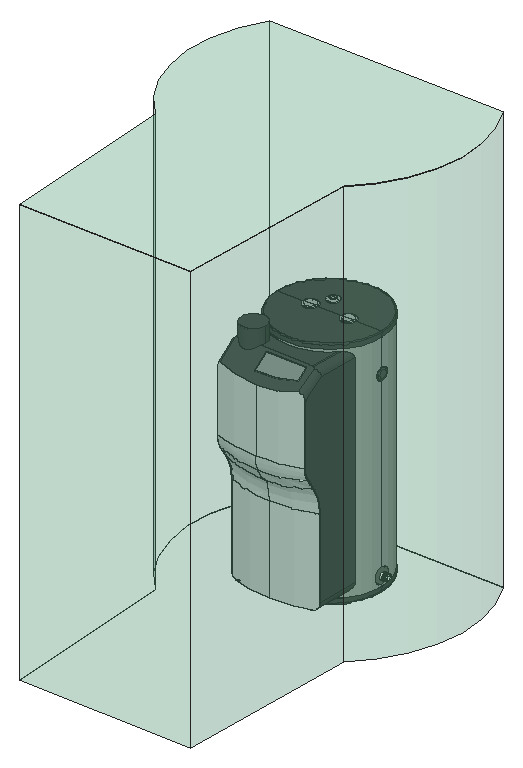
Revit family "Innovo  BENL_IR 24 245 BENL LP", category Mechanical Equipment, Revit 2015
Parameters (values of type "IR-24-245 BENL LP")
  Werkruimte Radius = Diameter + 170 mm  # 730 mm
  Werkruimte Hoogte = Hoogte + 1000 mm  # 2270 mm
  Werkruimte Afstand Voor = 1000 mm
  Werkruimte [instance] = yes
  Voorzorgsmaatregelen tijdens montage, installatie of onderhoud = "zie Gebruikers, Installatie, Service en Onderhouds handleiding"  # constant formula
  Voltage = 230 V  # constant formula
  Verpakkingslengte = 946 mm  # constant formula
  Verpakkingshoogte = 1465 mm
  Verpakkingsbreedte = 786 mm  # constant formula
  Uitsluitend werkend in daluren = no
  Uitschakeldruk LDS < = "115"
  Type aanduiding = "IR-12-160"
  Transportgewicht = 114 kg
  Totaal Gewicht = 274 kg
  Stilstandsverlies - dagelijks (24u) = 0 W
  Stilstandsverlies = 0 W
  Standaard Afgesteld op = "G20/G25"
  Stand Regelthermostaat = 65 °C  # constant formula
  Soort Verpakking = "Karton en Hout"  # constant formula
  Slimme controlefunctie = no
  Setpoint thermostaat = 65 °C  # constant formula
  Seizoens Rendement (Hs) = [Rendement (Hs, vlgs. NEN-EN 89 - 1999)]  # 96
  Rendement (Hs, vlgs. NEN-EN 89 - 1999) = 96
  Rendement (Hi, vlgs. NEN-EN 89 - 1999) = 107
  Produktspecificaties Link = ""
  Produkthandleiding Link = ""
  Produkt Model Nummer (EAN-nummer) = "8717449285890"
  Onderhoudsinterval = "12 maanden"  # constant formula
  Nominale Belasting (Onderwaarde) = "10900.0/9000.0"
  Nominale Belasting (Bovenwaarde) = "12100.0/10000.0"
  Nominaal Vermogen = "11700.0/9600.0"
  NOx-uitstoot mg/kWh = "22.0/23.0"
  NOx-uitstoot (lucht vrij, 0% O2) ppm = "14.0/14.0"
  Min. Stand Regelthermostaat = 40 °C  # constant formula
  Max. Werkdruk = 800000.0 Pa
  Max. Stand Regelthermostaat = 85 °C  # constant formula
  Max. Rookgastemperatuur = 45 °C
  Ledig Gewicht = 95 kg
  Kraan Hoogte 02 = if(and(Hoogte = 1745 mm, Diameter = 675 mm), 1518 mm, if(and(Hoogte = 1745 mm, Diameter = 610 mm), 1534 mm, if(Hoogte = 1545 mm, 1328 mm, 1070 mm)))  # 1070 mm
  Kraan Hoogte 01 = if(and(Diameter > 560 mm), 693 mm, 604 mm)  # 604 mm
  URL = "www.aosmith.be"
  Tapcapaciteit bij ΔT = 70°C  na 90 min. = 270.0 L
  Tapcapaciteit bij ΔT = 70°C  na 60 min. = 200.0 L
  Tapcapaciteit bij ΔT = 70°C  na 30 min. = 120.0 L
  Tapcapaciteit bij ΔT = 70°C  na 120 min. = 340.0 L
  Tapcapaciteit bij ΔT = 55°C  na 90 min. = 370.0 L
  Tapcapaciteit bij ΔT = 55°C  na 60 min. = 270.0 L
  Tapcapaciteit bij ΔT = 55°C  na 30 min. = 180.0 L
  Tapcapaciteit bij ΔT = 55°C  na 120 min. = 460.0 L
  Tapcapaciteit bij ΔT = 50°C  na 90 min. = 410.0 L
  Tapcapaciteit bij ΔT = 50°C  na 60 min. = 310.0 L
  Tapcapaciteit bij ΔT = 50°C  na 30 min. = 210.0 L
  Tapcapaciteit bij ΔT = 50°C na 120 min. = 510.0 L
  Tapcapaciteit bij ΔT = 44°C na 120 min. = 480.0 L
  Tapcapaciteit bij ΔT = 44°C  na 90 min. = 360.0 L
  Tapcapaciteit bij ΔT = 44°C  na 60 min. = 250.0 L
  Tapcapaciteit bij ΔT = 44°C  na 30 min. = 590.0 L
  Tapcapaciteit bij ΔT = 28°C na 90 min. = 780.0 L
  Tapcapaciteit bij ΔT = 28°C na 60 min. = 600.0 L
  Tapcapaciteit bij ΔT = 28°C na 30 min. = 420.0 L
  Tapcapaciteit bij ΔT = 28°C na 120 min. = 960.0 L
  Tapcapaciteit Continu bij ΔT = 70°C = 150.0 L/s
  Tapcapaciteit Continu bij ΔT = 55°C = 190.0 L/s
  Tapcapaciteit Continu bij ΔT = 50°C = 200.0 L/s
  Tapcapaciteit Continu bij ΔT = 44°C = 230.0 L/s
  Tapcapaciteit Continu bij ΔT = 28°C = 360.0 L/s
  Opwarmtijd bij ΔT = 70°C = "42"
  Opwarmtijd bij ΔT = 55°C = "34"
  Opwarmtijd bij ΔT = 50°C = "31"
  Opwarmtijd bij ΔT = 44°C = "27"
  Opwarmtijd bij ΔT = 28°C = "17"
  Model = "IR-12-160 BENL NAT"
  Manufacturer = "A.O. Smith Water Products Company b.v."  # constant formula
  Length = 780 mm  # constant formula
  Jaarlijks elektriciteitsverbruik (2) = "-"
  Jaarlijks elektriciteitsverbruik (1) = "38 kWh"
  Jaarlijks brandstofverbruik (2) = "-"
  Jaarlijks brandstofverbruik (1) = "16 GJ GCV"
  Isolatiedikte = 50 mm
  Installatie Typen = "B23/C13/C33/C43/C53/C63"  # constant formula
  Inhoud = 160.0 L
  Hoogte Warm Water Uitlaat = 1270 mm
  Hoogte Rookgasafvoer = 1295 mm
  Hoogte Lucht Inlaat = 1295 mm
  Hoogte Koud Water Inlaat = 170 mm
  Hoogte Gas Aansluiting = 860 mm
  Hoogte = 1270 mm
  Handelsmerk = "A.O. Smith"  # constant formula
  Geluidsniveau dB (A) = "<45"  # constant formula
  Geluidsniveau binnen = "41 dB"
  Gasverbruik - Volume ltr/hr = "1.20/1.10"
  Gasverbruik - Massa kg/h = "n.v.t."
  Gascategorie = "I2E(S)B"  # constant formula
  Gas Voordruk = "2000/2500 Pa"
  Gas Aansluiting = 15"  # constant formula
  Garrantie op Tank = "36 maanden"  # constant formula
  Garrantie op Onderdelen = "12 maanden"  # constant formula
  Frequentie = 50 Hz  # constant formula
  Fase = 1
  Fabrikantnummer = "E 7110"  # constant formula
  Energie-efficiëntieklasse voor waterverwarming (2) = "-"
  Energie-efficiëntieklasse voor waterverwarming (1) = "A"  # constant formula
  Energie-efficiëntie voor waterverwarming (2) = "-"
  Energie-efficiëntie voor waterverwarming (1) = "92%"
  Elektrisch Vermogen (piek) = 85 W
  Elektrisch Vermogen (nominaal) = 25 W
  Diameter Schoorsteen - parallel systeem = "2x80"  # constant formula
  Diameter Schoorsteen - concentrisch systeem = "80/125 mm/mm"  # constant formula
  Diameter Schoorsteen - boiler = "80/125 mm/mm"  # constant formula
  Diameter = 560 mm
  Description = "Condenserende Hoog Rendementsboiler"  # constant formula
  Created By = "http://www.cadcompany.nl/"
  Capaciteitsprofiel = "XL"
  CO2-uitstoot (tol. +/- 1.0) vol% = "9.3/7.5"
  CE-PIN = "0063CQ3037"  # constant formula
  Breedte = Diameter  # 560 mm
  Bestemming / Land = "BelgIë"  # constant formula
  BIM Content Developer = "CAD & Company"  # constant formula
  Assembly Code = "D3010"
  Ander capaciteitsprofiel = "-"
  Aansluiting Warm Water = 3/4"
  Aansluiting T&P = 3/4"
  Aansluiting Koud Water = 3/4"  # constant formula
  Aansluiting Condensafvoer = 40 mm  # constant formula
  Aansluiting Aftapkraan = 3/4"  # constant formula
  2e Onderhoud (algeheel onderhoud) = "12 maanden na installatie"  # constant formula
  1e Onderhoud (check-up) = "3 maanden na installatie"  # constant formula
Reference planes
  plane 1 "Center (Front/Back)": y = 0
  plane 2: z = 0
  plane 3 "Center (Left/Right)": x = 0
  plane 4 "Pipe": through (-383.901, 912.349, 194.799) normal (-0.0879, -0.0879, 0.9923)
  plane 5 "footing": y = 118.925
  plane 6 "footing front": y = -237.85
  plane 7: x = -280
  plane 8: x = 280
  plane 9: z = 1270
Forms (mm)
  Revolve 1, solid, material "RAL 9005", detail levels medium+fine
    sketch origin (0, -237.85, 0) x (-1, 0, 0) y (0, 0, 1)
      loop
        line (0, 28.9) -> (-15, 28.9) -> (-15, 26.4) -> (-8.671, 26.4) -> (-8.671, 18) -> (-5.686, 18) -> (-6.626, 17.06) -> (-6.626, 12.06) -> (-8.671, 12.06) -> (-8.671, 10) -> (-10.031, 10) -> (-23.271, 5.181)
        arc (-23.271, 5.181) -> (-23.763, 4.836) -> (-24.017, 4.293) r 1.159
        line (-24.017, 4.293) -> (-24.017, 1.03)
        arc (-24.017, 1.03) -> (-23.715, 0.302) -> (-22.986, 0) r 1.03
        line (-22.986, 0) -> (0, 0) -> (0, 28.9)
      axis (0, 28.9) -> (0, 0)
    angle from 0 to 360
  Revolve 2, solid, material "RAL 9005", detail levels medium+fine
    sketch origin (0, 118.925, 0) x (-1, 0, 0) y (0, 0, 1)
      loop
        line (-180.984, 28.9) -> (-195.984, 28.9) -> (-195.984, 26.4) -> (-189.655, 26.4) -> (-189.655, 18) -> (-186.67, 18) -> (-187.61, 17.06) -> (-187.61, 12.06) -> (-189.655, 12.06) -> (-189.655, 10) -> (-191.015, 10) -> (-204.256, 5.181)
        arc (-204.256, 5.181) -> (-204.747, 4.836) -> (-205.001, 4.293) r 1.159
        line (-205.001, 4.293) -> (-205.001, 1.03)
        arc (-205.001, 1.03) -> (-204.699, 0.302) -> (-203.971, 0) r 1.03
        line (-203.971, 0) -> (-180.984, 0) -> (-180.984, 28.9)
      axis (-180.984, 28.9) -> (-180.984, 0)
    angle from 0 to 360
  Revolve 3, solid, material "RAL 9005", detail levels medium+fine
    sketch origin (0, 118.925, 0) x (-1, 0, 0) y (0, 0, 1)
      loop
        line (179.016, 28.9) -> (164.016, 28.9) -> (164.016, 26.4) -> (170.345, 26.4) -> (170.345, 18) -> (173.33, 18) -> (172.39, 17.06) -> (172.39, 12.06) -> (170.345, 12.06) -> (170.345, 10) -> (168.985, 10) -> (155.744, 5.181)
        arc (155.744, 5.181) -> (155.253, 4.836) -> (154.999, 4.293) r 1.159
        line (154.999, 4.293) -> (154.999, 1.03)
        arc (154.999, 1.03) -> (155.301, 0.302) -> (156.029, 0) r 1.03
        line (156.029, 0) -> (179.016, 0) -> (179.016, 28.9)
      axis (179.016, 28.9) -> (179.016, 0)
    angle from 0 to 360
Lines and regions (mm)
  symbolic lines
    curve 1: line (0, 280.06, 0) -> (0, -280.06, 0)
    curve 2: line (-255.06, 0, 0) -> (255.06, 0, 0)
  symbolic lines, style "Workspace"
    curve 3: line (623.261, 380.06, 0) -> (-623.261, 380.06, 0)
    curve 4: arc (-623.261, 380.06, 0) -> (-726.942, -66.745, 0) -> (-543.632, -487.2, 0) r 730
    curve 5: line (-543.632, -487.2, 0) -> (-396.783, -1492.825, 0)
    curve 6: line (-396.783, -1492.825, 0) -> (399.03, -1492.825, 0)
    curve 7: line (399.03, -1492.825, 0) -> (545.76, -484.816, 0)
    curve 8: arc (545.76, -484.816, 0) -> (727.087, -65.154, 0) -> (623.261, 380.06, 0) r 730
Dimensions and locks
  plane 5 "footing" to plane 1 "Center (Front/Back)" = 118.925 mm
  plane 1 "Center (Front/Back)" to plane 6 "footing front" = 237.85 mm
  "Diameter": plane 7 to plane 8
  equal spacing: plane 7, plane 3 "Center (Left/Right)", plane 8
  "Hoogte": plane 9 to plane 2
  "Werkruimte Afstand Voor": curve 6 to nested 3
  "Werkruimte Radius": radius of curve 4
  "Werkruimte Radius": radius of curve 8
  aligned and locked: level to plane 2
  aligned and locked: nested 3 to Revolve 1 sketch curve
  aligned and locked: plane 3 "Center (Left/Right)" to Revolve 1 sketch curve
  aligned and locked: nested 3 to plane 1 "Center (Front/Back)"
  aligned and locked: plane 3 "Center (Left/Right)" to nested 3
  aligned and locked: nested 1 to plane 8
  aligned and locked: nested 5 to plane 8
  aligned and locked: nested 2 to plane 7
  aligned and locked: nested 4 to plane 7
  aligned and locked: nested 7 to plane 7
  aligned and locked: nested 8 to plane 3 "Center (Left/Right)"
  aligned and locked: nested 8 to nested 3
  aligned and locked: curve 3 to nested 8
Automatic sketch dimensions
  Revolve 1 sketch curve to level = 0 mm
  plane 3 "Center (Left/Right)" to Revolve 1 sketch curve = 5.686 mm
  Revolve 1 sketch curve to Revolve 1 sketch curve = 0.94 mm  (x2)
  Revolve 1 sketch curve to Revolve 1 sketch curve = 2.046 mm  (x2)
  Revolve 1 sketch curve to Revolve 1 sketch curve = 1.359 mm
  Revolve 1 sketch curve to Revolve 1 sketch curve = 6.329 mm
  level to Revolve 1 sketch curve = 4.091 mm
  Revolve 1 sketch curve to Revolve 1 sketch curve = 12.844 mm
  level to Revolve 1 sketch curve = 1.03 mm
  Revolve 1 sketch curve to Revolve 1 sketch curve = 0.111 mm
  level to Revolve 1 sketch curve = 5.181 mm
  Revolve 1 sketch curve to Revolve 1 sketch curve = 0.745 mm
  level to Revolve 1 sketch curve = 10 mm
  Revolve 1 sketch curve to Revolve 1 sketch curve = 2.06 mm
  Revolve 1 sketch curve to Revolve 1 sketch curve = 5 mm
  Revolve 1 sketch curve to Revolve 1 sketch curve = 8.4 mm
  Revolve 1 sketch curve to Revolve 1 sketch curve = 2.5 mm
  Revolve 1 sketch curve to level = 19.635 mm
  Revolve 1 sketch curve to Revolve 1 sketch curve = 46.465 mm
  Revolve 2 sketch curve to level = 0 mm
  level to Revolve 2 sketch curve = 1.03 mm
  Revolve 2 sketch curve to plane 8 = 74.999 mm
  level to Revolve 2 sketch curve = 5.181 mm
  Revolve 2 sketch curve to Revolve 2 sketch curve = 0.745 mm
  Revolve 2 sketch curve to Revolve 2 sketch curve = 0.397 mm
  Revolve 2 sketch curve to Revolve 2 sketch curve = 8.271 mm
  Revolve 2 sketch curve to Revolve 2 sketch curve = 13.241 mm
  Revolve 2 sketch curve to Revolve 2 sketch curve = 1.359 mm
  Revolve 2 sketch curve to Revolve 2 sketch curve = 6.329 mm
  Revolve 2 sketch curve to Revolve 2 sketch curve = 2.046 mm
  level to Revolve 2 sketch curve = 18 mm
  Revolve 2 sketch curve to Revolve 2 sketch curve = 0.94 mm  (x2)
  Revolve 2 sketch curve to Revolve 2 sketch curve = 8.671 mm
  Revolve 2 sketch curve to Revolve 2 sketch curve = 1.089 mm
  Revolve 2 sketch curve to Revolve 2 sketch curve = 8 mm
  Revolve 2 sketch curve to Revolve 2 sketch curve = 2.06 mm
  Revolve 2 sketch curve to Revolve 2 sketch curve = 8.4 mm
  Revolve 2 sketch curve to Revolve 2 sketch curve = 2.5 mm
  Revolve 2 sketch curve to Revolve 2 sketch curve = 0 mm
  Revolve 2 sketch curve to level = 19.635 mm
  Revolve 2 sketch curve to Revolve 2 sketch curve = 46.465 mm
  Revolve 3 sketch curve to level = 0 mm
  level to Revolve 3 sketch curve = 1.03 mm
  Revolve 3 sketch curve to plane 7 = 125.001 mm
  level to Revolve 3 sketch curve = 5.181 mm
  Revolve 3 sketch curve to Revolve 3 sketch curve = 0.745 mm
  Revolve 3 sketch curve to Revolve 3 sketch curve = 0.397 mm
  Revolve 3 sketch curve to Revolve 3 sketch curve = 8.271 mm
  Revolve 3 sketch curve to Revolve 3 sketch curve = 13.241 mm
  Revolve 3 sketch curve to Revolve 3 sketch curve = 1.359 mm
  Revolve 3 sketch curve to Revolve 3 sketch curve = 6.329 mm
  Revolve 3 sketch curve to Revolve 3 sketch curve = 2.046 mm
  level to Revolve 3 sketch curve = 18 mm
  Revolve 3 sketch curve to Revolve 3 sketch curve = 0.94 mm  (x2)
  Revolve 3 sketch curve to Revolve 3 sketch curve = 8.671 mm
  Revolve 3 sketch curve to Revolve 3 sketch curve = 1.089 mm
  Revolve 3 sketch curve to Revolve 3 sketch curve = 8 mm
  Revolve 3 sketch curve to Revolve 3 sketch curve = 2.06 mm
  Revolve 3 sketch curve to Revolve 3 sketch curve = 8.4 mm
  Revolve 3 sketch curve to Revolve 3 sketch curve = 2.5 mm
  Revolve 3 sketch curve to Revolve 3 sketch curve = 0 mm
  Revolve 3 sketch curve to level = 19.635 mm
  Revolve 3 sketch curve to Revolve 3 sketch curve = 46.465 mm
  curve 4 to curve 8 = 0 mm  (x2)
  plane 1 "Center (Front/Back)" to curve 2 = 0 mm
  curve 1 to plane 3 "Center (Left/Right)" = 0 mm
  plane 1 "Center (Front/Back)" to curve 4 = 0 mm
  curve 4 to plane 3 "Center (Left/Right)" = 0 mm
  curve 5 to plane 6 "footing front" = 249.35 mm
  plane 7 to curve 5 = 116.783 mm
  plane 8 to curve 7 = 119.03 mm
  curve 7 to plane 6 "footing front" = 246.966 mm
  curve 2 to plane 7 = 24.94 mm
  curve 2 to plane 8 = 24.94 mm
  curve 1 to plane 6 "footing front" = 42.21 mm
  plane 5 "footing" to curve 1 = 161.135 mm
Nested families
  nested 1: "Valve" at (280, -0.38, 1070) x (0, 1, 0) z (0, 0, 1), built-in parameter 1001364 <- "Kraan Hoogte 02", type "Valve"
  nested 2: "Drain Valve" at (-280, 0, 1070), built-in parameter 1001364 <- "Kraan Hoogte 02", type "Drain Valve"
  nested 3: "Housing Mother Housing S 57 (external)" at (0, -274.886, 0), type "Housing Mother_Housing S_57"
  nested 4: "Drain Valve" at (-280, 0, 177), type "Drain Valve"
  nested 5: "Drain Valve" at (280, 0, 107) x (-1, 0, 0) z (0, 0, 1), type "Drain Valve"
  nested 6: "Boiler" at (0, 0, 0), height <- "Hoogte", type "Boiler"
    with height 1270 mm
  nested 7: "Drain Valve" at (-280, 0, 604), built-in parameter 1001364 <- "Kraan Hoogte 01", type "Drain Valve"
  nested 8: "Innovo_workspace" at (0, 0, 0), Workspace <- "Werkruimte", Workspace Distance Front <- "Werkruimte Afstand Voor", Workspace Height <- "Werkruimte Hoogte", Workspace Radius <- "Werkruimte Radius", type "Workspace"
    with Workspace Radius 730 mm, Workspace Height 2270 mm, Workspace Distance Front 1000 mm, Workspace yes, Center to Front 492.825 mm
Connectors
  piping at (314.826, 0, 107), diameter 19.05, driven by "Aansluiting Aftapkraan"
    settings: on nested 5, index 1, connector inside diameter 24", connector length 0 mm, flow factor 0, pipe flow 0.0 L/s, pressure drop 0.0 Pa, fitting loss kfactor 0, connector angle 0.00°, fixture units 0, engagement length 0 mm, angle of deflection 0.00°, flow configuration 0, flow direction 0, fitting loss method 0, system type 19, joint type 0, gender type 0, connector reference index -1, connector utility 0, adjustable connector no, is connector primary yes, connector description ""
  hvac at (-147.013, -321.326, 1310.674)
    settings: on nested 3, index 2, duct flow 0.0 L/s, flow factor 0, pres drop 0.0 Pa, loss coef 0, conn angle 0.00°, conn width 304.8 mm, conn height 304.8 mm, conn diameter 125 mm, duct sys type 4, conn prof type 0, flow config 0, flow direction 0, loss method 0, conn ref index -1, conn util no, is conn primary yes, conn desc ""
Definition of nested family "Valve"
  Parameters (values of type "Valve")
    Type Comments = "T&P valve (internal)"
    Manufacturer = "A.O. Smith"
  Reference planes
    plane 1 "Center (Front/Back)": y = 0
    plane 2: z = 0
    plane 3 "Center (Left/Right)": x = 0
  Forms (mm)
    Extrusion 1, solid, detail levels fine
      sketch origin (0, 0, 0) x (1, 0, 0) y (0, 0, 1)
        loop
          circle (0, 0) r 31.5
      from -2.271 to 1.4
    Sweep 2, solid, detail levels fine
      path origin (0, -1.4, 0) x (1, 0, 0) y (0, 0, 1)
        loop
          circle (0, 0) r 31.5
      profile origin (0, -1.4, 31.5) x (0, 0, -1) y (0, -1, 0)
        loop
          line (7.3, 0) -> (7.3, 3) -> (0, 0) -> (7.3, 0)
  Dimensions and locks
    aligned and locked: level to plane 2
Definition of nested family "Drain Valve"
  Reference planes
    plane 1 "Center (Front/Back)": y = 0
    plane 2: z = 0
    plane 3 "Center (Left/Right)": x = 0
  Forms (mm)
    Revolve 1, solid, detail levels medium+fine
      sketch origin (0, 0, 0) x (1, 0, 0) y (0, 0, 1)
        loop
          line (-33.442, 15.696) -> (-34.826, 14.329) -> (-34.93, 12.731) -> (-16.555, 12.731) -> (-16.555, 0) -> (15.787, 0) -> (15.787, 18.3) -> (-14.4, 18.3) -> (-17.148, 15.533) -> (-18.729, 16.697) -> (-20.091, 15.333) -> (-21.672, 16.496) -> (-23.034, 15.133) -> (-24.614, 16.296) -> (-25.976, 14.932) -> (-27.557, 16.096) -> (-28.919, 14.732) -> (-30.5, 15.896) -> (-31.862, 14.532) -> (-33.442, 15.696)
        axis (-34.93, 0) -> (15.787, 0)
      angle from 0 to 360
  Dimensions and locks
    aligned and locked: level to plane 2
  Nested families
    nested 1: "Rubber sealing" at (2.592, -0.155, 0) x (0.0023, -1, 0) z (0, 0, 1), type "Rubber sealing", detail levels fine
  Definition of nested family "Rubber sealing"
    Reference planes
      plane 1 "Center (Front/Back)": y = 0
      plane 2: z = 0
      plane 3 "Center (Left/Right)": x = 0
    Forms (mm)
      Extrusion 1, solid, detail levels fine
        sketch origin (141.861, 319.581, 0) x (1, 0, 0) y (0, 1, 0)
          loop
            line (-216.354, -311.898) -> (-216.354, -313.94)
            arc (-216.354, -313.94) -> (-141.602, -321.581) -> (-66.861, -313.835) r 366.966
            line (-66.861, -313.835) -> (-66.861, -311.791)
            arc (-66.861, -311.791) -> (-141.602, -319.581) -> (-216.354, -311.898) r 364.966
        from -80 to 80
      Extrusion 2, void
        sketch origin (141.861, 319.581, 0) x (1, 0, 0) y (0, 0, 1)
          loop
            circle (-141.861, 0) r 13
          loop
            circle (-141.861, 0) r 110
          loop
            circle (-141.861, 0) r 40
        from 311.563 to 332.684
      Extrusion 3, void
        sketch origin (141.861, 319.581, 0) x (1, 0, 0) y (0, 0, 1)
          loop
            circle (-141.861, 0) r 18.25
        from 315.524 to 326.084
    Cuts and joins
      Extrusion 2, Extrusion 3 cuts Extrusion 1
    Dimensions and locks
      aligned and locked: level to plane 2
Definition of nested family "Housing Mother Housing S 57 (external)"
  Parameters (values of type "Housing Mother_Housing S_57")
    radius [instance] = 280 mm
    distance to boiler center = if(diameter = 675 mm, 189 mm, if(diameter = 610 mm, 154 mm, 129 mm))  # 129 mm
    diameter = 560 mm
  Reference planes
    plane 1 "Center (Front/Back)": y = 0
    plane 2: z = 0
    plane 3 "Center (Left/Right)": x = 0
    plane 4 "left": through (-245.286, 145.886, 1200) normal (0.9994, 0.0349, 0)
    plane 5: y = -217.939
    plane 6: y = 145.886
    plane 7: z = 1232.6
    plane 8: z = 65.89
    plane 9 "right": through (245.286, 145.886, 1200) normal (0.9994, -0.0349, 0)
    plane 10 "display": through (0, -90.37, 1221.196) normal (0, -0.5736, 0.8192)
    plane 11 "Potentiostat": z = 867.899
    plane 12 "boiler center": y = 274.886
    plane 13: x = -280
    plane 14: x = 280
  Forms (mm)
    Extrusion 1, solid
      sketch origin (0, 0, 0) x (1, 0, 0) y (0, 1, 0)
        loop
          line (-245.286, 145.886) -> (-232.581, -217.939) -> (232.581, -217.939) -> (245.286, 145.886)
          arc (245.286, 145.886) -> (0, 0.923) -> (-245.286, 145.886) r 280
      from 0 to 1232.6
    Sweep 2, void
      path origin (0, 0, 0) x (0, 1, 0) y (0, 0, 1)
        loop
          line (-217.939, 1232.6) -> (-217.939, 795.555)
          arc (-217.939, 795.555) -> (-212.387, 754.285) -> (-197.694, 715.322) r 183.924
          arc (-197.694, 715.322) -> (-179.915, 684.628) -> (-159.106, 655.901) r 348.284
          arc (-159.106, 655.901) -> (-131.411, 600.328) -> (-121.88, 538.973) r 202.254
          line (-121.88, 538.973) -> (-121.88, 61.106)
      profile origin (0, -217.939, 1014.077) x (1, 0, 0) y (0, 1, 0)
        loop
          arc (0, 0) -> (-117.533, 9.941) -> (-231.728, 39.475) r 699.984
          arc (-231.728, 39.475) -> (-233.391, 40.705) -> (-234.07, 42.659) r 3.505
          line (-234.07, 42.659) -> (-254.062, 42.659) -> (-254.062, -142.593) -> (254.07, -142.593) -> (254.07, 42.659) -> (234.07, 42.659)
          arc (234.07, 42.659) -> (233.391, 40.705) -> (231.728, 39.475) r 3.505
          arc (231.728, 39.475) -> (117.533, 9.941) -> (0, 0) r 699.984
    Extrusion 3, void
      sketch origin (0, 0, 0) x (0, 1, 0) y (0, 0, 1)
        loop
          arc (102.864, 70.869) -> (99.804, 70.709) -> (96.874, 69.813) r 12.57
          arc (96.874, 69.813) -> (87.878, 66.533) -> (78.516, 64.529) r 69.114
          arc (78.516, 64.529) -> (76.41, 64.284) -> (74.294, 64.148) r 41.206
          arc (74.294, 64.148) -> (65.203, 64.335) -> (56.122, 64.782) r 318.661
          arc (56.122, 64.782) -> (30.585, 66.179) -> (5.028, 67.128) r 1456.581
          line (5.028, 67.128) -> (-84.534, 73.135)
          arc (-84.534, 73.135) -> (-86.363, 73.808) -> (-87.536, 75.365) r 3.455
          line (-87.536, 75.365) -> (-264.473, 75.365) -> (-264.473, 0) -> (160.886, 0) -> (160.886, 103.945) -> (145.886, 103.945)
          arc (145.886, 103.945) -> (145.104, 97.827) -> (142.923, 92.059) r 26.364
          arc (142.923, 92.059) -> (141.067, 88.936) -> (138.867, 86.045) r 31.715
          arc (138.867, 86.045) -> (135.576, 82.49) -> (132.021, 79.2) r 62.615
          arc (132.021, 79.2) -> (125.841, 74.697) -> (119.091, 71.103) r 54.444
          arc (119.091, 71.103) -> (116.371, 70.272) -> (113.531, 70.123) r 11.669
          line (113.531, 70.123) -> (102.864, 70.869)
      from -254.062 to 254.07
    Sweep 4, void
      path origin (0, 0, 0) x (1, 0, 0) y (0, 1, 0)
        loop
          line (-245.286, 145.886) -> (-232.581, -217.939)
      profile origin (-238.933, -36.027, 0) x (0.999391, 0.034899, 0) y (0, 0, 1)
        loop
          line (-4.454, 0) -> (47.084, 0) -> (47.084, 73.431)
          arc (47.084, 73.431) -> (14.222, 85.134) -> (0.255, 117.1) r 43.922
          line (0.255, 117.1) -> (-4.454, 117.1) -> (-4.454, 0)
    Sweep 5, void
      path origin (0, 0, 0) x (-1, 0, 0) y (0, 1, 0)
        loop
          line (-245.286, 145.886) -> (-232.581, -217.939)
      profile origin (238.933, -36.027, 0) x (0.999391, -0.034899, 0) y (0, 0, 1)
        loop
          line (4.454, 0) -> (4.454, 117.1) -> (-0.255, 117.1)
          arc (-0.255, 117.1) -> (-14.222, 85.134) -> (-47.084, 73.431) r 43.922
          line (-47.084, 73.431) -> (-47.084, 0) -> (4.454, 0)
    Sweep 6, void
      path origin (-239.899, -8.377, 0) x (-0.034899, 0.999391, 0) y (0, 0, 1)
        loop
          line (-209.69, 1141.272) -> (-79.18, 1232.6) -> (154.358, 1232.6)
      profile origin (-241.211, 29.188, 1232.6) x (0, 0, 1) y (0.999391, 0.034899, 0)
        loop
          line (-45, -30) -> (75, -30) -> (75, 0) -> (75, 55) -> (2.799, 55) -> (-1.253, 35.128)
          arc (-1.253, 35.128) -> (-16.771, 9.564) -> (-45, -0.308) r 44.287
          line (-45, -0.308) -> (-45, -30)
    Sweep 7, void
      path origin (239.899, -8.377, 0) x (0.034899, 0.999391, 0) y (0, 0, 1)
        loop
          line (-209.69, 1141.272) -> (-79.18, 1232.6) -> (154.358, 1232.6)
      profile origin (241.211, 29.188, 1232.6) x (0, 0, -1) y (-0.999391, 0.034899, 0)
        loop
          line (-75, -25) -> (45, -25) -> (45, -0.308)
          arc (45, -0.308) -> (16.771, 9.564) -> (1.253, 35.128) r 44.287
          line (1.253, 35.128) -> (-2.799, 55) -> (-75, 55) -> (-75, -25)
    Extrusion 8, void
      sketch origin (0, 0, 0) x (0, 1, 0) y (0, 0, 1)
        loop
          line (-270, 1336.099) -> (-270, 1099.081) -> (68.497, 1336.099) -> (-270, 1336.099)
      from -425.038 to 444.42
    Extrusion 9, solid, detail levels medium+fine
      sketch origin (0, 0, 0) x (1, 0, 0) y (0, 1, 0)
        loop
          circle (-147.013, -46.44) r 65
      from 1163.174 to 1310.674
    Extrusion 10, void
      sketch origin (0, -603.506, 861.895) x (0, 0.819152, 0.573576) y (-1, 0, 0)
        loop
          arc (618.322, -173) -> (623.272, -170.95) -> (625.322, -166) r 7
          line (625.322, -166) -> (625.322, 35)
          arc (625.322, 35) -> (623.272, 39.95) -> (618.322, 42) r 7
          line (618.322, 42) -> (535.473, 42)
          arc (535.473, 42) -> (530.688, 40.11) -> (528.488, 35.46) r 7
          arc (528.488, 35.46) -> (531.569, -67.592) -> (554.18, -168.18) r 540
          arc (554.18, -168.18) -> (556.724, -171.668) -> (560.831, -173) r 7
          line (560.831, -173) -> (618.322, -173)
      from 0 to 137.286
    Sweep 11, solid, detail levels fine
      path origin (0, 0, 867.899) x (-1, 0, 0) y (0, -1, 0)
        loop
          line (309.749, -35.617) -> (204.371, -35.617)
          arc (204.371, -35.617) -> (196.509, -34.687) -> (189.082, -31.947) r 33.677
          line (189.082, -31.947) -> (-9.574, 69.274)
      profile origin (-257.06, 35.617, 867.899) x (0, 1, 0) y (0, 0, 1)
        loop
          circle (0, 0) r 7.316
        loop
          circle (0, 0) r 6.465
    Revolve 12, void
      sketch origin (0, 274.886, 0) x (-1, 0, 0) y (0, 0, 1)
        loop
          line (280, 1243.838) -> (0, 1243.838) -> (0, 54.9) -> (280, 54.9) -> (280, 1243.838)
        axis (0, 1243.838) -> (0, 54.9)
      angle from 0 to 360
  Cuts and joins
    Sweep 2, Extrusion 3, Sweep 4, Sweep 5, Sweep 6, Sweep 7, Extrusion 8, Extrusion 10, Revolve 12 cuts Extrusion 1
  Dimensions and locks
    plane 8 to plane 2 = 65.89 mm
    plane 7 to plane 8 = 1166.71 mm
    "distance to boiler center": plane 12 "boiler center" to plane 6
    "diameter": plane 14 to plane 13
    equal spacing: plane 14, plane 3 "Center (Left/Right)", plane 13
    "radius": plane 3 "Center (Left/Right)" to plane 13
    aligned and locked: level to plane 2
    aligned and locked: Extrusion 1 to plane 7
    aligned and locked: Extrusion 1 sketch curve to plane 5
    aligned and locked: Sweep 2 to Extrusion 3
    aligned and locked: Extrusion 3 to Sweep 2  (x2)
    aligned and locked: plane 7 to Sweep 2 sketch curve
    aligned and locked: plane 3 "Center (Left/Right)" to Revolve 12 sketch curve
    aligned and locked: Revolve 12 sketch curve to plane 3 "Center (Left/Right)"
    aligned and locked: plane 13 to Revolve 12 sketch curve
  Automatic sketch dimensions
    Extrusion 1 sketch curve to plane 4 "left" = 0 mm  (x2)
    Extrusion 1 sketch curve to plane 6 = 0 mm  (x2)
    Extrusion 1 sketch curve to plane 3 "Center (Left/Right)" = 0 mm
    Extrusion 1 sketch curve to plane 9 "right" = 0 mm
    plane 6 to Extrusion 1 sketch curve = 135.037 mm
    Sweep 2 sketch curve to plane 5 = 0 mm
    plane 5 to Sweep 2 sketch curve = 106.195 mm
    Sweep 2 sketch curve to plane 5 = 96.059 mm
    plane 1 "Center (Front/Back)" to Sweep 2 sketch curve = 34.053 mm
    plane 11 "Potentiostat" to Sweep 2 sketch curve = 6.417 mm
    Sweep 2 sketch curve to plane 6 = 33.705 mm
    Sweep 2 sketch curve to plane 11 "Potentiostat" = 68.615 mm
    Sweep 2 sketch curve to plane 11 "Potentiostat" = 72.345 mm
    Sweep 2 sketch curve to Sweep 2 sketch curve = 176.349 mm
    Sweep 2 sketch curve to Sweep 2 sketch curve = 0 mm  (x2)
    plane 8 to Sweep 2 sketch curve = 4.784 mm
    Extrusion 3 sketch curve to level = 0 mm
    Extrusion 3 sketch curve to plane 6 = 0 mm
    Extrusion 3 sketch curve to plane 6 = 26.363 mm
    Extrusion 3 sketch curve to Extrusion 3 sketch curve = 4.75 mm
    Extrusion 3 sketch curve to Extrusion 3 sketch curve = 5.179 mm
    Extrusion 3 sketch curve to plane 8 = 4.232 mm
    Extrusion 3 sketch curve to Extrusion 3 sketch curve = 0.814 mm
    Extrusion 3 sketch curve to plane 8 = 4.978 mm
    Extrusion 3 sketch curve to Extrusion 3 sketch curve = 10.667 mm
    Extrusion 3 sketch curve to Extrusion 3 sketch curve = 0.877 mm
    Extrusion 3 sketch curve to Extrusion 3 sketch curve = 17.827 mm
    Extrusion 3 sketch curve to Extrusion 3 sketch curve = 5.646 mm
    Extrusion 3 sketch curve to plane 6 = 69.562 mm
    Extrusion 3 sketch curve to Extrusion 3 sketch curve = 18.6 mm
    Extrusion 3 sketch curve to Extrusion 3 sketch curve = 22.538 mm
    Extrusion 3 sketch curve to plane 8 = 1.238 mm
    Extrusion 3 sketch curve to plane 1 "Center (Front/Back)" = 5.028 mm
    plane 1 "Center (Front/Back)" to Extrusion 3 sketch curve = 36.224 mm
    Extrusion 3 sketch curve to plane 8 = 10.692 mm
    plane 1 "Center (Front/Back)" to Extrusion 3 sketch curve = 84.302 mm
    Extrusion 3 sketch curve to plane 8 = 7.244 mm
    Extrusion 3 sketch curve to Extrusion 3 sketch curve = 0.231 mm
    Extrusion 3 sketch curve to Extrusion 3 sketch curve = 3.234 mm
    plane 5 to Extrusion 3 sketch curve = 46.534 mm
    plane 6 to Extrusion 3 sketch curve = 15 mm
    Extrusion 3 sketch curve to level = 1388.869 mm
    plane 8 to Extrusion 3 sketch curve = 7.561 mm
    Extrusion 3 sketch curve to Extrusion 3 sketch curve = 11.64 mm
    Extrusion 3 sketch curve to plane 8 = 38.054 mm
    Extrusion 3 sketch curve to Extrusion 3 sketch curve = 22.442 mm
    Extrusion 3 sketch curve to plane 8 = 39.432 mm
    Extrusion 3 sketch curve to Extrusion 3 sketch curve = 2.466 mm
    Extrusion 3 sketch curve to Extrusion 3 sketch curve = 14.17 mm
    Extrusion 3 sketch curve to Extrusion 3 sketch curve = 5.925 mm
    Extrusion 3 sketch curve to Extrusion 3 sketch curve = 6.186 mm
    Extrusion 3 sketch curve to Extrusion 3 sketch curve = 249.85 mm
    Extrusion 3 sketch curve to Extrusion 3 sketch curve = 0 mm  (x4)
    Extrusion 3 sketch curve to Extrusion 3 sketch curve = 6.845 mm
    plane 8 to Extrusion 3 sketch curve = 1.743 mm
    Sweep 4 sketch curve to plane 4 "left" = 0 mm  (x2)
    Sweep 4 sketch curve to plane 6 = 0 mm
    plane 5 to Sweep 4 sketch curve = 0 mm
    Sweep 4 sketch curve to level = 0 mm
    profile plane to Sweep 4 sketch curve = 4.454 mm
    Sweep 4 sketch curve to profile plane = 0.255 mm
    Sweep 4 sketch curve to Sweep 4 sketch curve = 43.922 mm
    Sweep 4 sketch curve to profile plane = 47.084 mm
    level to Sweep 4 sketch curve = 73.431 mm
    Sweep 4 sketch curve to Sweep 4 sketch curve = 43.669 mm
    Sweep 5 sketch curve to plane 6 = 0 mm
    Sweep 5 sketch curve to plane 9 "right" = 0 mm  (x2)
    plane 5 to Sweep 5 sketch curve = 0 mm
    Sweep 5 sketch curve to level = 0 mm
    profile plane to Sweep 5 sketch curve = 47.084 mm
    Sweep 5 sketch curve to Sweep 5 sketch curve = 2.907 mm
    profile plane to Sweep 5 sketch curve = 0.255 mm
    Sweep 5 sketch curve to profile plane = 4.454 mm
    level to Sweep 5 sketch curve = 73.431 mm
    Sweep 5 sketch curve to Sweep 5 sketch curve = 43.669 mm
    Sweep 6 sketch curve to plane 7 = 0 mm
    plane 7 to Sweep 6 sketch curve = 91.328 mm
    Sweep 6 sketch curve to Sweep 6 sketch curve = 130.509 mm
    Sweep 6 sketch curve to Sweep 6 sketch curve = 233.538 mm
    Sweep 6 sketch curve to plane 4 "left" = 0 mm
    profile plane to Sweep 6 sketch curve = 45 mm
    Sweep 6 sketch curve to Sweep 6 sketch curve = 0.354 mm
    profile plane to Sweep 6 sketch curve = 1.253 mm
    Sweep 6 sketch curve to profile plane = 2.799 mm
    Sweep 6 sketch curve to Sweep 6 sketch curve = 72.201 mm
    Sweep 6 sketch curve to plane 4 "left" = 0.308 mm
    Sweep 6 sketch curve to Sweep 6 sketch curve = 29.692 mm
    plane 4 "left" to Sweep 6 sketch curve = 35.128 mm
    plane 4 "left" to Sweep 6 sketch curve = 55 mm
    Sweep 7 sketch curve to plane 7 = 0 mm
    Sweep 7 sketch curve to plane 7 = 91.328 mm
    Sweep 7 sketch curve to Sweep 7 sketch curve = 130.509 mm
    Sweep 7 sketch curve to Sweep 7 sketch curve = 233.538 mm
    Sweep 7 sketch curve to plane 9 "right" = 25 mm
    profile plane to Sweep 7 sketch curve = 75 mm
    profile plane to Sweep 7 sketch curve = 2.799 mm
    Sweep 7 sketch curve to profile plane = 1.253 mm
    Sweep 7 sketch curve to Sweep 7 sketch curve = 43.393 mm
    Sweep 7 sketch curve to profile plane = 45 mm
    Sweep 7 sketch curve to plane 9 "right" = 0.308 mm
    plane 9 "right" to Sweep 7 sketch curve = 35.128 mm
    Sweep 7 sketch curve to Sweep 7 sketch curve = 19.872 mm
    plane 5 to Extrusion 8 sketch curve = 52.061 mm
    Extrusion 8 sketch curve to plane 1 "Center (Front/Back)" = 68.497 mm
    plane 7 to Extrusion 8 sketch curve = 133.519 mm
    Extrusion 8 sketch curve to plane 7 = 103.499 mm
    plane 1 "Center (Front/Back)" to Extrusion 9 sketch curve = 46.44 mm
    Extrusion 9 sketch curve to plane 3 "Center (Left/Right)" = 147.013 mm
    Extrusion 10 sketch curve to plane 3 "Center (Left/Right)" = 0 mm
    Extrusion 10 sketch curve to plane 3 "Center (Left/Right)" = 35 mm
    Extrusion 10 sketch curve to Extrusion 10 sketch curve = 25.359 mm
    Extrusion 10 sketch curve to Extrusion 10 sketch curve = 57.491 mm
    Extrusion 10 sketch curve to plane 3 "Center (Left/Right)" = 42 mm
    Extrusion 10 sketch curve to Extrusion 10 sketch curve = 82.85 mm
    Extrusion 10 sketch curve to Extrusion 10 sketch curve = 7 mm
    Extrusion 10 sketch curve to Extrusion 10 sketch curve = 442 mm
    plane 3 "Center (Left/Right)" to Extrusion 10 sketch curve = 166 mm
    Extrusion 10 sketch curve to Extrusion 10 sketch curve = 0 mm  (x2)
    Sweep 11 sketch curve to plane 1 "Center (Front/Back)" = 31.947 mm
    Sweep 11 sketch curve to plane 3 "Center (Left/Right)" = 189.082 mm
    Sweep 11 sketch curve to plane 1 "Center (Front/Back)" = 1.94 mm
    Sweep 11 sketch curve to Sweep 11 sketch curve = 15.289 mm
    plane 3 "Center (Left/Right)" to Sweep 11 sketch curve = 9.574 mm
    Sweep 11 sketch curve to Sweep 11 sketch curve = 105.378 mm
    plane 1 "Center (Front/Back)" to Sweep 11 sketch curve = 69.274 mm
    Sweep 11 sketch curve to Sweep 11 sketch curve = 0 mm  (x2)
    Sweep 11 sketch curve to plane 11 "Potentiostat" = 0 mm
    Sweep 11 sketch curve to profile plane = 0 mm
    plane 8 to Revolve 12 sketch curve = 10.99 mm
    Revolve 12 sketch curve to plane 7 = 11.238 mm
    Revolve 12 sketch curve to level = 366.045 mm
    Revolve 12 sketch curve to Revolve 12 sketch curve = 971.917 mm
    Sweep 2 sketch curve to plane 3 "Center (Left/Right)" = 0 mm
    profile plane to Sweep 2 sketch curve = 0 mm
    Sweep 2 sketch curve to plane 3 "Center (Left/Right)" = 0.016 mm
    Sweep 2 sketch curve to profile plane = 42.782 mm  (x2)
    Sweep 2 sketch curve to plane 3 "Center (Left/Right)" = 230.568 mm
    plane 3 "Center (Left/Right)" to Sweep 2 sketch curve = 0.016 mm
    plane 3 "Center (Left/Right)" to Sweep 2 sketch curve = 230.568 mm
    Sweep 2 sketch curve to Sweep 2 sketch curve = 3.502 mm  (x2)
    Sweep 2 sketch curve to Sweep 2 sketch curve = 20 mm
    profile plane to Sweep 2 sketch curve = 142.593 mm
    Sweep 2 sketch curve to Sweep 2 sketch curve = 0.122 mm  (x2)
    Sweep 2 sketch curve to Sweep 2 sketch curve = 657.203 mm
    Sweep 2 sketch curve to Sweep 2 sketch curve = 19.991 mm
    radius of Extrusion 9 sketch curve = 65 mm
    radius of Sweep 11 sketch curve = 7.316 mm
    radius of Sweep 11 sketch curve = 6.465 mm
  Nested families
    nested 1: "display" at (65.5, -130.939, 1192.79) x (-1, 0, 0) z (0, -0.5736, 0.8192), type "display"
  Definition of nested family "display"
    Parameters (values of type "display")
      Default Elevation = 1219.2 mm
    Reference planes
      plane 1 "Center (Front/Back)": y = 0
      plane 2: z = 0
      plane 3 "Center (Left/Right)": x = 0
    Forms (mm)
      Extrusion 1, solid, detail levels medium+fine
        sketch origin (-16.958, 11.842, -343.878) x (1, 0, 0) y (0, 0, -1)
          loop
            line (-233.523, -343.878) -> (-233.523, -346.592) -> (332.686, -346.592) -> (332.686, -343.878) -> (-233.523, -343.878)
        from -228.7 to 150.822
      Extrusion 2, void
        sketch origin (-16.958, 6.842, -343.878) x (1, 0, 0) y (0, 1, 0)
          loop
            line (-233.523, 155.822) -> (-233.523, -223.7) -> (332.686, -223.7) -> (332.686, 155.822) -> (-233.523, 155.822)
          loop
            arc (-90.542, -48.267) -> (-88.492, -53.216) -> (-83.542, -55.267) r 7
            line (-83.542, -55.267) -> (117.458, -55.267)
            arc (117.458, -55.267) -> (122.408, -53.216) -> (124.458, -48.267) r 7
            line (124.458, -48.267) -> (124.458, 34.583)
            arc (124.458, 34.583) -> (122.568, 39.368) -> (117.918, 41.568) r 7
            arc (117.918, 41.568) -> (14.866, 38.487) -> (-85.722, 15.876) r 540
            arc (-85.722, 15.876) -> (-89.21, 13.332) -> (-90.542, 9.224) r 7
            line (-90.542, 9.224) -> (-90.542, -48.267)
        from 328.878 to 363.083
    Cuts and joins
      Extrusion 2 cuts Extrusion 1
    Dimensions and locks
      aligned and locked: level to plane 2
Definition of nested family "Boiler"
  Parameters (values of type "Boiler")
    radius [instance] = 280 mm
    height [instance] = 1270 mm
    Diameter = 560 mm
  Reference planes
    plane 1 "Center (Front/Back)": y = 0
    plane 2: z = 0
    plane 3 "Center (Left/Right)": x = 0
    plane 4: z = 1243.838
    plane 5: z = 1270
    plane 6 "bottom": z = 28.9
    plane 7: z = 54.9
    plane 8 "top controle": y = 88
    plane 9: x = -280
    plane 10: x = 280
  Forms (mm)
    Revolve 1, solid
      sketch origin (0, 0, 0) x (1, 0, 0) y (0, 0, 1)
        loop
          line (0, 54.9) -> (-280, 54.9) -> (-280, 32.9)
          arc (-280, 32.9) -> (-278.828, 30.072) -> (-276, 28.9) r 4
          line (-276, 28.9) -> (0, 28.9) -> (0, 54.9)
        axis (0, 28.9) -> (0, 54.9)
      angle from 0 to 360
    Revolve 2, solid
      sketch origin (1.311, 0, 0) x (1, 0, 0) y (0, 0, 1)
        loop
          line (-278.86, 1243.838) -> (-278.86, 54.9) -> (-1.311, 54.9) -> (-1.311, 1243.838) -> (-278.86, 1243.838)
        axis (-1.311, 1243.838) -> (-1.311, 54.9)
      angle from 0 to 360
    Revolve 3, solid
      sketch origin (-9.205, 0, 377.212) x (-1, 0, 0) y (0, 0, 1)
        loop
          line (-148.904, 892.788) -> (-110.805, 892.788) -> (-110.805, 895.963) -> (-141.883, 895.963) -> (-148.904, 893.62) -> (-148.904, 892.788)
        axis (-110.805, 892.788) -> (-110.805, 895.963)
      angle from 0 to 360
    Revolve 4, solid
      sketch origin (0, 0, 718.065) x (1, 0, 0) y (0, 0, -1)
        loop
          line (0, -525.773) -> (-280, -525.773) -> (-280, -547.935)
          arc (-280, -547.935) -> (-278.828, -550.763) -> (-276, -551.935) r 4
          line (-276, -551.935) -> (0, -551.935) -> (0, -525.773)
        axis (0, -551.935) -> (0, -525.773)
      angle from 0 to 360
    Revolve 5, solid
      sketch origin (0, 88, 0) x (1, 0, 0) y (0, 0, 1)
        loop
          line (-19.051, 1270) -> (-19.051, 1271.074) -> (-32.63, 1275.604) -> (-32.63, 1271.117) -> (-37.266, 1271.117) -> (-38.383, 1270) -> (-19.051, 1270)
        axis (-50.8, 1270) -> (-50.8, 1275.604)
      angle from 0 to 360
    Revolve 6, solid
      sketch origin (-217.12, 0, 372.245) x (-1, 0, 0) y (0, 0, 1)
        loop
          line (-153.622, 897.755) -> (-115.52, 897.755) -> (-115.52, 900.93) -> (-146.626, 900.93) -> (-153.622, 898.596) -> (-153.622, 897.755)
        axis (-115.52, 897.755) -> (-115.52, 900.93)
      angle from 0 to 360
  Dimensions and locks
    "height": plane 5 to plane 2
    plane 6 "bottom" to plane 2 = 28.9 mm
    locked: plane 5 to plane 4 at 26.162
    locked: plane 1 "Center (Front/Back)" to plane 8 "top controle" at 88
    "Diameter": plane 10 to plane 9
    equal spacing: plane 10, plane 3 "Center (Left/Right)", plane 9
    "radius": plane 3 "Center (Left/Right)" to plane 9
    locked: plane 9 to Revolve 2 sketch curve at 2.452
    aligned and locked: level to plane 2
    aligned and locked: Revolve 2 sketch curve to plane 7
    aligned and locked: Revolve 2 sketch curve to plane 4
    aligned and locked: Revolve 1 sketch curve to plane 7
    aligned and locked: plane 6 "bottom" to Revolve 1 sketch curve
    aligned and locked: Revolve 4 sketch curve to plane 3 "Center (Left/Right)"
    aligned and locked: plane 5 to Revolve 4 sketch curve
    aligned and locked: Revolve 4 sketch curve to plane 4
    aligned and locked: plane 9 to Revolve 4 sketch curve
    aligned and locked: Revolve 1 sketch curve to plane 9
    aligned and locked: Revolve 2 sketch curve to plane 3 "Center (Left/Right)"
    aligned and locked: plane 3 "Center (Left/Right)" to Revolve 2 sketch curve
  Automatic sketch dimensions
    Revolve 1 sketch curve to plane 3 "Center (Left/Right)" = 0 mm  (x2)
    Revolve 1 sketch curve to Revolve 1 sketch curve = 4 mm
    Revolve 1 sketch curve to level = 40 mm
    Revolve 1 sketch curve to Revolve 1 sketch curve = 305.1 mm
    Revolve 2 sketch curve to level = 366.045 mm
    Revolve 2 sketch curve to plane 5 = 945.755 mm
    Revolve 3 sketch curve to plane 5 = 0 mm
    Revolve 3 sketch curve to plane 3 "Center (Left/Right)" = 139.699 mm
    plane 5 to Revolve 3 sketch curve = 3.175 mm
    Revolve 3 sketch curve to Revolve 3 sketch curve = 7.022 mm
    Revolve 3 sketch curve to Revolve 3 sketch curve = 31.078 mm
    Revolve 3 sketch curve to Revolve 3 sketch curve = 0.832 mm
    Revolve 3 sketch curve to Revolve 3 sketch curve = 0 mm
    Revolve 3 sketch curve to Revolve 3 sketch curve = 2.338 mm
    Revolve 3 sketch curve to Revolve 3 sketch curve = 4.487 mm
    Revolve 4 sketch curve to plane 3 "Center (Left/Right)" = 0 mm
    Revolve 4 sketch curve to Revolve 4 sketch curve = 4 mm
    Revolve 4 sketch curve to Revolve 4 sketch curve = 68.738 mm
    Revolve 4 sketch curve to Revolve 4 sketch curve = 305.1 mm
    Revolve 6 sketch curve to plane 5 = 0 mm
    plane 3 "Center (Left/Right)" to Revolve 6 sketch curve = 63.497 mm
    plane 5 to Revolve 6 sketch curve = 3.175 mm
    Revolve 6 sketch curve to Revolve 6 sketch curve = 6.997 mm
    Revolve 6 sketch curve to Revolve 6 sketch curve = 31.106 mm
    Revolve 6 sketch curve to Revolve 6 sketch curve = 0.84 mm
    Revolve 6 sketch curve to Revolve 6 sketch curve = 0 mm
    Revolve 6 sketch curve to Revolve 6 sketch curve = 7.216 mm
    Revolve 6 sketch curve to Revolve 6 sketch curve = 0.391 mm
    Revolve 5 sketch curve to Revolve 5 sketch curve = 13.578 mm
    Revolve 5 sketch curve to Revolve 5 sketch curve = 1.074 mm
    Revolve 5 sketch curve to Revolve 5 sketch curve = 12.417 mm
    Revolve 5 sketch curve to Revolve 5 sketch curve = 5.753 mm
    Revolve 5 sketch curve to plane 5 = 1.117 mm
    Revolve 5 sketch curve to Revolve 5 sketch curve = 1.117 mm
    plane 5 to Revolve 5 sketch curve = 4.396 mm
    Revolve 5 sketch curve to plane 5 = 0 mm
    Revolve 5 sketch curve to Revolve 5 sketch curve = 4.487 mm
    Revolve 5 sketch curve to plane 3 "Center (Left/Right)" = 38.383 mm
    Revolve 5 sketch curve to plane 5 = 5.604 mm
Definition of nested family "Innovo_workspace"
  Parameters (values of type "Workspace")
    Workspace Radius [instance] = 730 mm
    Workspace Height [instance] = 2270 mm
    Workspace Distance Front [instance] = 1000 mm
    Workspace [instance] = yes
    URL = "www.aosmith.nl"
    Model = ""
    Manufacturer = "A.O. Smith Water Products Company b.v."  # constant formula
    Description = ""
    Created By = ""
    Center to Front [instance] = 492.825 mm
    BIM Content Developer = "CAD & Company"  # constant formula
    Assembly Code = ""
  Reference planes
    plane 1 "Center (Front/Back)": y = 0
    plane 2: z = 0
    plane 3 "Center (Left/Right)": x = 0
    plane 4 "Pipe": through (-383.901, 912.349, 194.799) normal (-0.0879, -0.0879, 0.9923)
    plane 5 "front": y = -492.825
  Forms (mm)
    Extrusion 1, solid, visible <- "Workspace"
      sketch origin (0, 0, 0) x (1, 0, 0) y (0, 1, 0)
        loop
          line (456.53, -1492.825) -> (500.201, -531.695)
          arc (500.201, -531.695) -> (723.44, -97.643) -> (623.261, 380.06) r 730
          line (623.261, 380.06) -> (-623.261, 380.06)
          arc (-623.261, 380.06) -> (-723.227, -99.209) -> (-497.893, -533.856) r 730
          line (-497.893, -533.856) -> (-454.283, -1492.825) -> (456.53, -1492.825)
      from 0 to 2270 <- "Workspace Height"
  Lines and regions (mm)
    symbolic lines
      curve 1: line (0, 280.06, 0) -> (0, -280.06, 0)
      curve 2: line (-255.06, 0, 0) -> (255.06, 0, 0)
  Dimensions and locks
    locked: Extrusion 1 sketch curve to curve 1 at 100
    "Workspace Distance Front": plane 5 "front" to Extrusion 1
    "Center to Front": plane 1 "Center (Front/Back)" to plane 5 "front"
    "Workspace Radius": radius of Extrusion 1 sketch curve  (x2)
    aligned and locked: level to plane 2
  Automatic sketch dimensions
    plane 1 "Center (Front/Back)" to curve 2 = 0 mm
    curve 1 to plane 3 "Center (Left/Right)" = 0 mm
    plane 3 "Center (Left/Right)" to curve 2 = 255.06 mm
    curve 1 to plane 1 "Center (Front/Back)" = 280.06 mm
    curve 2 to plane 3 "Center (Left/Right)" = 255.06 mm
    plane 5 "front" to curve 1 = 212.765 mm
    Extrusion 1 sketch curve to Extrusion 1 sketch curve = 0 mm  (x2)
    plane 1 "Center (Front/Back)" to Extrusion 1 sketch curve = 0 mm
    Extrusion 1 sketch curve to plane 3 "Center (Left/Right)" = 0 mm
    Extrusion 1 sketch curve to plane 5 "front" = 41.031 mm
    Extrusion 1 sketch curve to plane 3 "Center (Left/Right)" = 454.283 mm
    plane 3 "Center (Left/Right)" to Extrusion 1 sketch curve = 456.53 mm
    Extrusion 1 sketch curve to plane 5 "front" = 38.869 mm
    Extrusion 1 sketch curve to Extrusion 1 sketch curve = 961.131 mm
